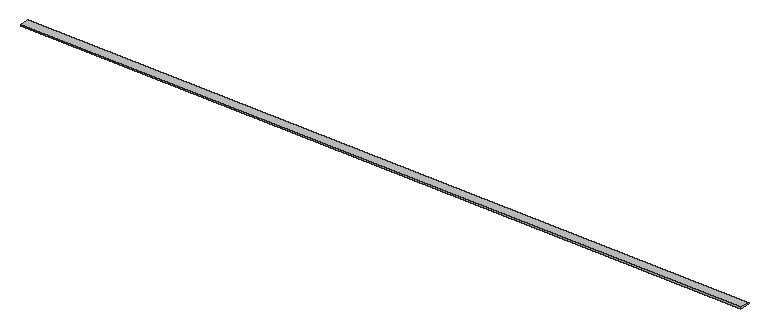
Revit family "E_Cable Tray Support_MEPcontent_OBO Bettermann_SL 42 FT", category Cable Tray Fittings, Revit 2015
Parameters (values of type "SLH 42 FT")
  Wholesaler Art. No. = ""
  Wholesaler = ""
  Watermarked By = "www.stabiplan.com"
  Width 1 = 25.00 mm
  URL = "www.stabiplan.com"
  built-in parameter 1140111 [instance] = 3.00 mm  # constant formula
  Stabu Code = ""
  Revit Version = "2015"  # constant formula
  MEPcontent Class = "CABLE_TRAY_SUPPORT"  # constant formula
  Internal Art. No. = ""
  IFCExportType = "NOTDEFINED"  # constant formula
  IFCExportAs = "IfcCableCarrierFittingType"  # constant formula
  Function Code [instance] = ""
  Family Version = "10.14"  # constant formula
  ETIM Article Class = "EC001005"  # constant formula
  EMCS Version = "2.0"  # constant formula
  Copyright = "© Stabiplan International BV"  # constant formula
  Content Supplier URL = ""
  CB-NL Class = ""
  Article Type = if(and(Length = 2000.00 mm, Width 1 = 25.00 mm), "SLH 42 FT", "Unknown")  # "SLH 42 FT"
  Product Line = "OBO BETTERMANN CableTrays"  # constant formula
  Model = if(and(Length = 2000.00 mm, Width 1 = 25.00 mm), "SLH 42 FT", "Unknown")  # "SLH 42 FT"
  Manufacturer = "OBO BETTERMANN"  # constant formula
  Length = 2000.00 mm
  Custom [instance] = if(and(Length = 2000.00 mm, Width 1 = 25.00 mm), 1 = 0, 1 = 1)  # no
  GTIN = if(and(Length = 2000.00 mm, Width 1 = 25.00 mm), "4012196582136", "Unknown")  # "4012196582136"
  Description = "Perforated rail profile of ship ladder, SL 42, for creation of suspension and support structures."  # constant formula
  Manufacturer URL = "http://catalog4.obo-bettermann.com/catalogue/catalogue.do?forward=showProductGroup&act=showIO&favOid=kts_70343&action=showManyProducts&lang=nl&OID=kts_70343&catId="
  Gray = Color RGB 189-187-185
  Manufacturer Art. No. = if(and(Length = 2000.00 mm, Width 1 = 25.00 mm), "7103611", "Unknown")  # "7103611"
  Article Description = "Perforated rail profile of ship ladder, SL 42, for creation of suspension and support structures."  # constant formula
Reference planes
  plane 1 "Center (Front/Back)": y = 0
  plane 2: z = 0
  plane 3 "Center (Left/Right)": x = 0
  plane 4: x = -1000
  plane 5: x = 1000
  plane 6: y = 12.5
  plane 7: y = -12.5
  plane 8: z = 3
Forms (mm)
  Extrusion 1, solid, material "Color RGB 189-187-185" <- "Gray", detail levels medium+fine
    sketch origin (0, 0, 0) x (1, 0, 0) y (0, 1, 0)
      loop
        line (-1000, 12.5) -> (-1000, -12.5) -> (1000, -12.5) -> (1000, 12.5) -> (-1000, 12.5)
    from 0 to 3
Lines and regions (mm)
  model lines, style "Fittings", detail levels coarse
    curve 1: line (-1000, 0, 0) -> (1000, 0, 0)
Dimensions and locks
  equal spacing: plane 5, plane 3 "Center (Left/Right)", plane 4
  "Length": plane 5 to plane 4
  equal spacing: plane 6, plane 1 "Center (Front/Back)", plane 7
  "Width 1": plane 6 to plane 7
  "built-in parameter 1140111": plane 8 to level
  aligned and locked: level to plane 2
  aligned and locked: Extrusion 1 sketch curve to plane 6
  aligned and locked: plane 4 to Extrusion 1 sketch curve
  aligned and locked: Extrusion 1 sketch curve to plane 7
  aligned and locked: plane 5 to Extrusion 1 sketch curve
  aligned and locked: Extrusion 1 to level
  aligned and locked: plane 8 to Extrusion 1
  aligned and locked: plane 5 to curve 1
  aligned and locked: plane 4 to curve 1
  aligned and locked: curve 1 to level
